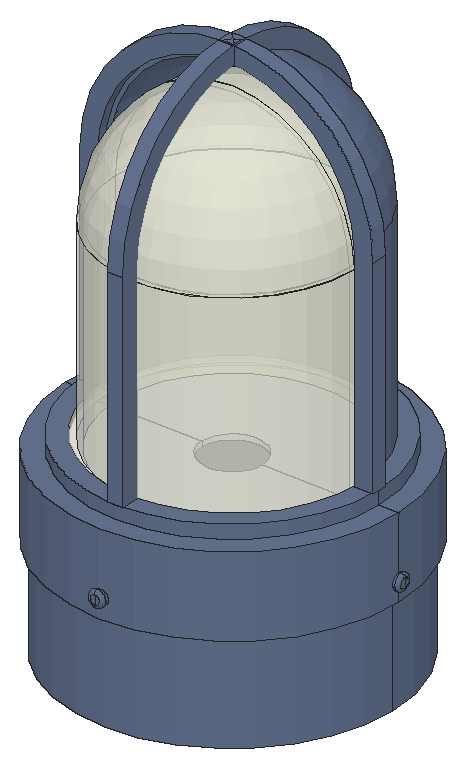
Revit family "PR3", category Generic Models, Revit 2024
Family settings
  Can host rebar = No
  Round Connector Dimension = Use Diameter
  Part Type = Normal
  Work Plane-Based = No
  Always vertical = Yes
  Cut with Voids When Loaded = No
  Maintain Annotation Orientation = No
  Shared = No
  Room Calculation Point = No
Parameters
  Default Elevation = 0' - 0"
Reference planes (in)
  plane 1 "Center (Front/Back)": y = 0
  plane 2: z = 0
  plane 3 "Center (Left/Right)": x = 0
Forms (in)
  Revolve 1, solid
    sketch origin (0, 0, 0) x (1, 0, 0) y (0, 0, 1)
      loop
        line (-3, 3.28125) -> (-3, 0) -> (-0.25, 0) -> (-0.25, 0.09375) -> (-2.90625, 0.09375) -> (-2.90625, 3.1875) -> (-0.568, 3.1875) -> (-0.568, 3.28125) -> (-3, 3.28125)
      axis (0, 3.28125) -> (0, 0)
    angle from 0 to 360
  Revolve 2, solid
    sketch origin (0, 0, 0) x (1, 0, 0) y (0, 0, 1)
      loop
        line (-3.125, 1.875) -> (-3.03125, 1.875) -> (-3.03125, 3.28125) -> (-2.65625, 3.28125) -> (-2.65625, 3.53125) -> (-2.41108, 3.53125) -> (-2.41108, 3.625) -> (-2.75, 3.625) -> (-2.75, 3.375) -> (-3.125, 3.375) -> (-3.125, 1.875)
      axis (0, 3.625) -> (0, 1.875)
    angle from 0 to 360
  Revolve 3, solid
    sketch origin (0, 0, 0) x (1, 0, 0) y (0, 0, 1)
      loop
        line (-3.22718, 2.22976) -> (-2.90568, 2.22976) -> (-2.90568, 2.37976) -> (-3.16759, 2.37976)
        arc (-3.16759, 2.37976) -> (-3.20973, 2.36231) -> (-3.22718, 2.32017) r 0.0596
        line (-3.22718, 2.32017) -> (-3.22718, 2.22976)
      axis (-2.90568, 2.22976) -> (-3.22718, 2.22976)
    angle from 0 to 360
  Revolve 4, solid
    sketch origin (0, 0, 0) x (0, -1, 0) y (0, 0, 1)
      loop
        line (-3.22718, 2.22976) -> (-2.90568, 2.22976) -> (-2.90568, 2.37976) -> (-3.16759, 2.37976)
        arc (-3.16759, 2.37976) -> (-3.20973, 2.36231) -> (-3.22718, 2.32017) r 0.0596
        line (-3.22718, 2.32017) -> (-3.22718, 2.22976)
      axis (-2.90568, 2.22976) -> (-3.22718, 2.22976)
    angle from 0 to 360
  Revolve 5, solid
    sketch origin (0, 0, 0) x (0, 1, 0) y (0, 0, 1)
      loop
        line (-3.22718, 2.22976) -> (-2.90568, 2.22976) -> (-2.90568, 2.37976) -> (-3.16759, 2.37976)
        arc (-3.16759, 2.37976) -> (-3.20973, 2.36231) -> (-3.22718, 2.32017) r 0.0596
        line (-3.22718, 2.32017) -> (-3.22718, 2.22976)
      axis (-2.90568, 2.22976) -> (-3.22718, 2.22976)
    angle from 0 to 360
  Revolve 6, solid
    sketch origin (0, 0, 0) x (-1, 0, 0) y (0, 0, 1)
      loop
        line (-3.22718, 2.22976) -> (-2.90568, 2.22976) -> (-2.90568, 2.37976) -> (-3.16759, 2.37976)
        arc (-3.16759, 2.37976) -> (-3.20973, 2.36231) -> (-3.22718, 2.32017) r 0.0596
        line (-3.22718, 2.32017) -> (-3.22718, 2.22976)
      axis (-2.90568, 2.22976) -> (-3.22718, 2.22976)
    angle from 0 to 360
  Extrusion 7, solid, material "76"
    sketch origin (0, 0, 0) x (1, 0, 0) y (0, 0, 1)
      loop
        line (-2.75, 3.625) -> (-2.412, 3.625) -> (-2.412, 7.5084)
        arc (-2.412, 7.5084) -> (-1.76179, 9.14738) -> (-0.17007, 9.906) r 2.41201
        arc (-0.17007, 9.906) -> (1.64124, 9.26751) -> (2.412, 7.5084) r 2.41201
        line (2.412, 7.5084) -> (2.412, 3.625) -> (2.75, 3.625) -> (2.75, 7.491)
        arc (2.75, 7.491) -> (0, 10.25) -> (-2.75, 7.491) r 2.75001
        line (-2.75, 7.491) -> (-2.75, 3.625)
    from -0.142 to 0.142
  Extrusion 8, solid, material "76"
    sketch origin (0, 0, 0) x (0, 1, 0) y (0, 0, 1)
      loop
        line (-2.75, 3.625) -> (-2.412, 3.625) -> (-2.412, 7.5084)
        arc (-2.412, 7.5084) -> (-1.76179, 9.14738) -> (-0.17007, 9.906) r 2.41201
        arc (-0.17007, 9.906) -> (1.64124, 9.26751) -> (2.412, 7.5084) r 2.41201
        line (2.412, 7.5084) -> (2.412, 3.625) -> (2.75, 3.625) -> (2.75, 7.491)
        arc (2.75, 7.491) -> (0, 10.25) -> (-2.75, 7.491) r 2.75001
        line (-2.75, 7.491) -> (-2.75, 3.625)
    from -0.142 to 0.142
  Revolve 9, solid, material "VAPOR GLASS"
    sketch origin (0, 0, 0) x (1, 0, 0) y (0, 0, 1)
      loop
        line (-2.287, 7.16479) -> (-2.287, 3.50704) -> (-2.61952, 3.50704) -> (-2.61952, 3.375) -> (-2.19325, 3.375) -> (-2.19325, 7.16462)
        arc (-2.19325, 7.16462) -> (-1.54803, 8.7103) -> (0, 9.34986) r 2.19326
        line (0, 9.34986) -> (0, 9.44361)
        arc (0, 9.44361) -> (-1.61426, 8.77666) -> (-2.287, 7.16479) r 2.28701
      axis (0, 9.44361) -> (0, 3.375)
    angle from 0 to 360
  Revolve 10, solid
    sketch origin (0, 0, 0) x (1, 0, 0) y (0, 0, 1)
      loop
        arc (0, 9.912) -> (-1.70257, 9.20851) -> (-2.412, 7.5084) r 2.41201
        line (-2.412, 7.5084) -> (-2.412, 3.625) -> (-2.31825, 3.625) -> (-2.31825, 7.50824)
        arc (-2.31825, 7.50824) -> (-1.63634, 9.14216) -> (0, 9.81825) r 2.31826
        line (0, 9.81825) -> (0, 9.912)
      axis (0, 9.912) -> (0, 3.625)
    angle from 0 to 360
  Extrusion 11, void
    sketch origin (0, 0, 0) x (1, 0, 0) y (0, 0, 1)
      loop
        line (-2.412, 3.625) -> (2.412, 3.625) -> (2.412, 7.5084)
        arc (2.412, 7.5084) -> (0, 9.912) -> (-2.412, 7.5084) r 2.41201
        line (-2.412, 7.5084) -> (-2.412, 3.625)
    from 0 to 12
Cuts and joins
  Extrusion 11 cuts Revolve 2
  Extrusion 11 cuts Revolve 10
Dimensions and locks (in)
  aligned and locked: plane 2 to level
